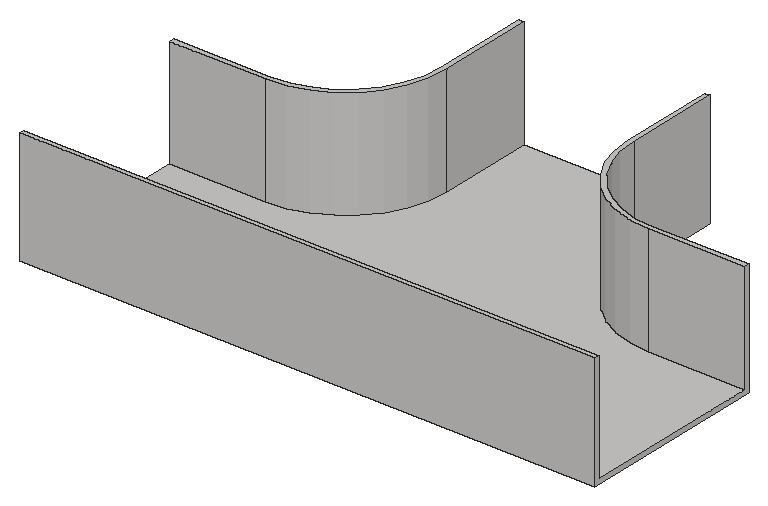
Revit family "S4R_OBO BETTERMANN_CableTray_Tee_RTM FSK RW", category Cable Tray Fittings, Revit 2012
Parameters
  Wholesaler art.no. = ""
  Wholesaler = ""
  Watermarked By = "www.stabiplan.com"
  WIDTH3 [instance] = 100 mm
  WIDTH1 [instance] = 100 mm
  VERSION = "91900"  # constant formula
  URL = "www.stabiplan.com"
  built-in parameter 1140111 [instance] = 2.6 mm
  TYPE [instance] = "RTM FSK RW"  # constant formula
  StabiCAD_PM = ""
  Smallest_L1_L2 [instance] = if(LENGTH1 - WIDTH3 / 2 > LENGTH2 - WIDTH3 / 2, LENGTH2 - WIDTH3 / 2, LENGTH1 - WIDTH3 / 2)  # 100 mm
  SmallestLength [instance] = if(LENGTH3 - WIDTH1 / 2 > Smallest_L1_L2, Smallest_L1_L2, LENGTH3 - WIDTH1 / 2)  # 100 mm
  RadiusWithThickness [instance] = Radius + [built-in parameter 1140111]  # 52.6 mm
  Radius [instance] = 50 mm  # constant formula
  PRODUCTLINE [instance] = "OBO BETTERMANN"  # constant formula
  Manufacturer = "OBO BETTERMANN CableTrays"  # constant formula
  LENGTH3 [instance] = if(and(WIDTH1 = 100 mm, HEIGHT1 = 60 mm, WIDTH3 = 100 mm, ANGLE2 = 90.00°), 150 mm, if(and(WIDTH1 = 200 mm, HEIGHT1 = 60 mm, WIDTH3 = 200 mm, ANGLE2 = 90.00°), 200 mm, if(and(WIDTH1 = 300 mm, HEIGHT1 = 60 mm, WIDTH3 = 300 mm, ANGLE2 = 90.00°), 250 mm, if(and(WIDTH1 = 400 mm, HEIGHT1 = 60 mm, WIDTH3 = 400 mm, ANGLE2 = 90.00°), 300 mm, if(and(WIDTH1 = 500 mm, HEIGHT1 = 60 mm, WIDTH3 = 500 mm, ANGLE2 = 90.00°), 350 mm, if(and(WIDTH1 = 600 mm, HEIGHT1 = 60 mm, WIDTH3 = 600 mm, ANGLE2 = 90.00°), 400 mm, WIDTH3 * 1.5))))))  # 150 mm
  LENGTH2 [instance] = if(and(WIDTH1 = 100 mm, HEIGHT1 = 60 mm, WIDTH3 = 100 mm, ANGLE2 = 90.00°), 150 mm, if(and(WIDTH1 = 200 mm, HEIGHT1 = 60 mm, WIDTH3 = 200 mm, ANGLE2 = 90.00°), 200 mm, if(and(WIDTH1 = 300 mm, HEIGHT1 = 60 mm, WIDTH3 = 300 mm, ANGLE2 = 90.00°), 250 mm, if(and(WIDTH1 = 400 mm, HEIGHT1 = 60 mm, WIDTH3 = 400 mm, ANGLE2 = 90.00°), 300 mm, if(and(WIDTH1 = 500 mm, HEIGHT1 = 60 mm, WIDTH3 = 500 mm, ANGLE2 = 90.00°), 350 mm, if(and(WIDTH1 = 600 mm, HEIGHT1 = 60 mm, WIDTH3 = 600 mm, ANGLE2 = 90.00°), 400 mm, WIDTH1 * 1.5))))))  # 150 mm
  LENGTH1 [instance] = if(and(WIDTH1 = 100 mm, HEIGHT1 = 60 mm, WIDTH3 = 100 mm, ANGLE2 = 90.00°), 150 mm, if(and(WIDTH1 = 200 mm, HEIGHT1 = 60 mm, WIDTH3 = 200 mm, ANGLE2 = 90.00°), 200 mm, if(and(WIDTH1 = 300 mm, HEIGHT1 = 60 mm, WIDTH3 = 300 mm, ANGLE2 = 90.00°), 250 mm, if(and(WIDTH1 = 400 mm, HEIGHT1 = 60 mm, WIDTH3 = 400 mm, ANGLE2 = 90.00°), 300 mm, if(and(WIDTH1 = 500 mm, HEIGHT1 = 60 mm, WIDTH3 = 500 mm, ANGLE2 = 90.00°), 350 mm, if(and(WIDTH1 = 600 mm, HEIGHT1 = 60 mm, WIDTH3 = 600 mm, ANGLE2 = 90.00°), 400 mm, WIDTH1 * 1.5))))))  # 150 mm
  Internal art.no. = ""
  ISCUSTOM [instance] = if(and(WIDTH1 = 100 mm, HEIGHT1 = 60 mm, WIDTH3 = 100 mm, ANGLE2 = 90.00°), 1 = 0, if(and(WIDTH1 = 200 mm, HEIGHT1 = 60 mm, WIDTH3 = 200 mm, ANGLE2 = 90.00°), 1 = 0, if(and(WIDTH1 = 300 mm, HEIGHT1 = 60 mm, WIDTH3 = 300 mm, ANGLE2 = 90.00°), 1 = 0, if(and(WIDTH1 = 400 mm, HEIGHT1 = 60 mm, WIDTH3 = 400 mm, ANGLE2 = 90.00°), 1 = 0, if(and(WIDTH1 = 500 mm, HEIGHT1 = 60 mm, WIDTH3 = 500 mm, ANGLE2 = 90.00°), 1 = 0, if(and(WIDTH1 = 600 mm, HEIGHT1 = 60 mm, WIDTH3 = 600 mm, ANGLE2 = 90.00°), 1 = 0, 1 = 1))))))  # no
  IFCExportType = ""
  IFCExportAs = ""
  HEIGHT1 [instance] = 60 mm
  GTINNUMBER [instance] = "Unknown"  # constant formula
  ETIM article class = ""
  Description = "Horizontal CableTray Tee"
  DEEPLINK = "http://catalog1.obo-bettermann.com/catalogue/catalogue.do?forward=showProductGroup&act=showIO&favOid=kts_399350&action=showManyProducts&lang=de&OID=kts_399350&catId="
  Copyright = "© Stabiplan BV / Stabiplan International BV"  # constant formula
  CT3 [instance] = 1
  CT2 [instance] = 1
  CT1 [instance] = 1
  BodyColor = Steel
  Assembly Code = ""
  ARTICLENUMBER [instance] = if(and(WIDTH1 = 100 mm, HEIGHT1 = 60 mm, WIDTH3 = 100 mm, ANGLE2 = 90.00°), "6042800", if(and(WIDTH1 = 200 mm, HEIGHT1 = 60 mm, WIDTH3 = 200 mm, ANGLE2 = 90.00°), "6042804", if(and(WIDTH1 = 300 mm, HEIGHT1 = 60 mm, WIDTH3 = 300 mm, ANGLE2 = 90.00°), "6042806", if(and(WIDTH1 = 400 mm, HEIGHT1 = 60 mm, WIDTH3 = 400 mm, ANGLE2 = 90.00°), "6042808", if(and(WIDTH1 = 500 mm, HEIGHT1 = 60 mm, WIDTH3 = 500 mm, ANGLE2 = 90.00°), "6042810", if(and(WIDTH1 = 600 mm, HEIGHT1 = 60 mm, WIDTH3 = 600 mm, ANGLE2 = 90.00°), "6042812", "Unknown"))))))  # "6042800"
  ARTICLEDESCRIPTION [instance] = "Horizontal CableTray Tee"
  ANGLE2 [instance] = 90.00°  # constant formula
Reference planes
  plane 1 "Center (Front/Back)": y = 0
  plane 2: z = 0
  plane 3 "Center (Left/Right)": x = 0
  plane 4: y = 50
  plane 5: y = -50
  plane 6: z = 30
  plane 7: z = -30
  plane 8: x = -50
  plane 9: x = 50
  plane 10: x = -100
  plane 11: x = 100
  plane 12: y = -47.4
  plane 13: y = 47.4
  plane 14: x = -47.4
  plane 15: x = 47.4
  plane 16: x = -150
  plane 17: x = 150
  plane 18: z = -27.4
  plane 19: y = 100
  plane 20: y = 150
Forms (mm)
  Extrusion 1, solid, material "Steel" <- "BodyColor", detail levels fine
    sketch origin (0, 0, 0) x (1, 0, 0) y (0, 1, 0)
      loop
        line (-150, -47.4) -> (-150, -50) -> (150, -50) -> (150, -47.4) -> (-150, -47.4)
      loop
        line (-150, 47.4) -> (-100, 47.4)
        arc (-100, 47.4) -> (-62.806, 62.806) -> (-47.4, 100) r 52.6
        line (-47.4, 100) -> (-47.4, 150) -> (-50, 150) -> (-50, 100)
        arc (-50, 100) -> (-64.645, 64.645) -> (-100, 50) r 50
        line (-100, 50) -> (-150, 50) -> (-150, 47.4)
      loop
        line (150, 50) -> (100, 50)
        arc (100, 50) -> (64.645, 64.645) -> (50, 100) r 50
        line (50, 100) -> (50, 150) -> (47.4, 150) -> (47.4, 100)
        arc (47.4, 100) -> (62.806, 62.806) -> (100, 47.4) r 52.6
        line (100, 47.4) -> (150, 47.4) -> (150, 50)
    from -30 to 30
  Extrusion 2, solid, material "Steel" <- "BodyColor", detail levels fine
    sketch origin (0, 0, 0) x (1, 0, 0) y (0, 1, 0)
      loop
        line (-150, 50) -> (-150, -50) -> (150, -50) -> (150, 50) -> (100, 50)
        arc (100, 50) -> (64.645, 64.645) -> (50, 100) r 50
        line (50, 100) -> (50, 150) -> (-50, 150) -> (-50, 100)
        arc (-50, 100) -> (-64.645, 64.645) -> (-100, 50) r 50
        line (-100, 50) -> (-150, 50)
    from -30 to -27.4
  Extrusion 3, solid, material "Steel" <- "BodyColor", detail levels medium
    sketch origin (0, 0, 0) x (1, 0, 0) y (0, 1, 0)
      loop
        line (-150, 50) -> (-150, -50) -> (150, -50) -> (150, 50) -> (100, 50)
        arc (100, 50) -> (64.645, 64.645) -> (50, 100) r 50
        line (50, 100) -> (50, 150) -> (-50, 150) -> (-50, 100)
        arc (-50, 100) -> (-64.645, 64.645) -> (-100, 50) r 50
        line (-100, 50) -> (-150, 50)
    from -30 to 30
Cuts and joins
  joined: Extrusion 1, Extrusion 2
Lines and regions (mm)
  model lines, style "Coarse", detail levels coarse
    curve 1: line (-150, 0, 0) -> (150, 0, 0)
    curve 2: line (0, 0, 0) -> (0, 150, 0)
Dimensions and locks
  equal spacing: plane 4, plane 1 "Center (Front/Back)", plane 5
  "WIDTH1": plane 4 to plane 5
  equal spacing: plane 6, plane 2, plane 7
  "HEIGHT1": plane 6 to plane 7
  equal spacing: plane 8, plane 3 "Center (Left/Right)", plane 9
  "WIDTH3": plane 8 to plane 9
  "Radius": plane 9 to plane 11
  "built-in parameter 1140111": plane 12 to plane 5
  "built-in parameter 1140111": plane 4 to plane 13
  "built-in parameter 1140111": plane 8 to plane 14
  "built-in parameter 1140111": plane 15 to plane 9
  "built-in parameter 1140111": plane 18 to plane 7
  "LENGTH1": plane 16 to plane 3 "Center (Left/Right)"
  "LENGTH2": plane 3 "Center (Left/Right)" to plane 17
  "LENGTH3": plane 1 "Center (Front/Back)" to plane 20
  "Radius": plane 10 to plane 8
  "Radius": plane 19 to plane 4
  "Radius": radius of Extrusion 3 sketch curve  (x2)
  "Radius": radius of Extrusion 2 sketch curve  (x2)
  "Radius": radius of Extrusion 1 sketch curve  (x2)
  "RadiusWithThickness": radius of Extrusion 1 sketch curve  (x2)
  aligned and locked: Extrusion 1 sketch curve to plane 16
  aligned and locked: Extrusion 1 to plane 7
  aligned and locked: plane 6 to Extrusion 1
  aligned and locked: plane 5 to Extrusion 1 sketch curve
  aligned and locked: plane 12 to Extrusion 1 sketch curve
  aligned and locked: Extrusion 1 sketch curve to plane 17  (x2)
  aligned and locked: plane 16 to Extrusion 1 sketch curve
  aligned and locked: Extrusion 2 sketch curve to plane 16
  aligned and locked: plane 4 to Extrusion 2 sketch curve
  aligned and locked: plane 5 to Extrusion 2 sketch curve
  aligned and locked: plane 17 to Extrusion 2 sketch curve
  aligned and locked: Extrusion 2 to plane 7
  aligned and locked: plane 18 to Extrusion 2
  aligned and locked: plane 4 to Extrusion 3 sketch curve  (x2)
  aligned and locked: Extrusion 3 sketch curve to plane 16
  aligned and locked: plane 5 to Extrusion 3 sketch curve
  aligned and locked: Extrusion 3 sketch curve to plane 17
  aligned and locked: Extrusion 3 to plane 7
  aligned and locked: plane 6 to Extrusion 3
  aligned and locked: plane 17 to curve 1
  aligned and locked: plane 1 "Center (Front/Back)" to curve 1
  aligned and locked: plane 1 "Center (Front/Back)" to curve 2
  aligned and locked: curve 2 to plane 3 "Center (Left/Right)"
  aligned and locked: Extrusion 3 to curve 2
Automatic sketch dimensions
  curve 1 to plane 16 = 0 mm
  Extrusion 1 sketch curve to Extrusion 1 sketch curve = 0 mm  (x4)
  Extrusion 1 sketch curve to plane 10 = 0 mm
  Extrusion 1 sketch curve to plane 15 = 0 mm
  Extrusion 1 sketch curve to plane 13 = 0 mm  (x2)
  Extrusion 1 sketch curve to plane 20 = 0 mm  (x2)
  Extrusion 2 sketch curve to plane 4 = 0 mm
  Extrusion 2 sketch curve to plane 10 = 0 mm
  Extrusion 2 sketch curve to plane 9 = 0 mm
  Extrusion 2 sketch curve to plane 20 = 0 mm
  Extrusion 3 sketch curve to plane 10 = 0 mm
  Extrusion 3 sketch curve to plane 9 = 0 mm
  Extrusion 3 sketch curve to plane 20 = 0 mm
Connectors
  cabletrayconduit at (-150, 0, 0), driven by "HEIGHT1", driven by "WIDTH1"
    settings: on Extrusion 3, index 1, connector width 100 mm, connector height 60 mm, connector radius 304.8 mm, connector angle 0.00°, system type 32, placement type 0, profile type 1, connector reference index 2, is primary connector yes, connector utility param no, connector description ""
  cabletrayconduit at (150, 0, 0), driven by "HEIGHT1", driven by "WIDTH1"
    settings: on Extrusion 3, index 2, connector width 100 mm, connector height 60 mm, connector radius 304.8 mm, connector angle 0.00°, system type 32, placement type 0, profile type 1, connector reference index 1, is primary connector no, connector utility param no, connector description ""
  cabletrayconduit at (0, 150, 0), driven by "HEIGHT1", driven by "WIDTH3"
    settings: on Extrusion 3, index 3, connector width 100 mm, connector height 60 mm, connector radius 300 mm, connector angle 0.00°, system type 32, placement type 0, profile type 1, connector reference index -1, is primary connector no, connector utility param no, connector description ""
